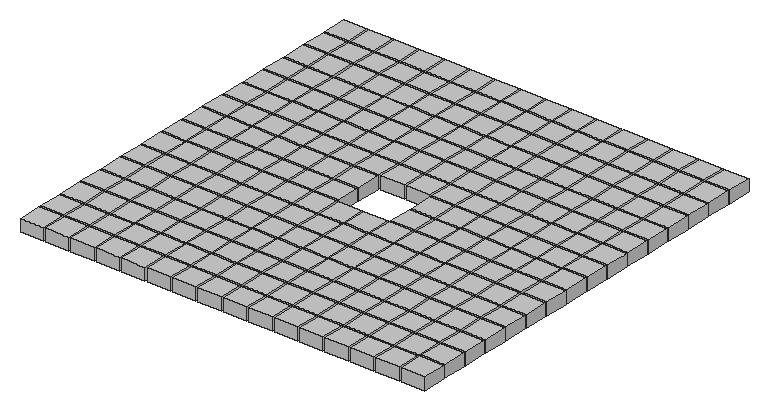
Revit family "Alcorque Ecológico", category Furniture, Revit 2020 (continued)
Forms (m)
  Extrusion 784, solid, material "ReBnew plástico", visible <- "A52", not visible
    sketch origin (4.565, -1.375, 0) x (1, 0, 0) y (0, 1, 0)
      loop
        line (-0.495, 0.495) -> (-0.495, 0.38) -> (-0.38, 0.38) -> (-0.38, 0.495) -> (-0.495, 0.495)
    from 0 to 0.06
  Extrusion 785, solid, material "ReBnew plástico", visible <- "A52", not visible
    sketch origin (4.69, -1.375, 0) x (1, 0, 0) y (0, 1, 0)
      loop
        line (-0.495, 0.495) -> (-0.495, 0.38) -> (-0.38, 0.38) -> (-0.38, 0.495) -> (-0.495, 0.495)
    from 0 to 0.06
  Extrusion 786, solid, material "ReBnew plástico", visible <- "A52", not visible
    sketch origin (4.815, -1.375, 0) x (1, 0, 0) y (0, 1, 0)
      loop
        line (-0.495, 0.495) -> (-0.495, 0.38) -> (-0.38, 0.38) -> (-0.38, 0.495) -> (-0.495, 0.495)
    from 0 to 0.06
  Extrusion 787, solid, material "ReBnew plástico", visible <- "A52", not visible
    sketch origin (3.815, -1, 0) x (1, 0, 0) y (0, 1, 0)
      loop
        line (-0.495, 0.495) -> (-0.495, 0.38) -> (-0.38, 0.38) -> (-0.38, 0.495) -> (-0.495, 0.495)
    from 0 to 0.06
  Extrusion 788, solid, material "ReBnew plástico", visible <- "A52", not visible
    sketch origin (3.94, -1, 0) x (1, 0, 0) y (0, 1, 0)
      loop
        line (-0.495, 0.495) -> (-0.495, 0.38) -> (-0.38, 0.38) -> (-0.38, 0.495) -> (-0.495, 0.495)
    from 0 to 0.06
  Extrusion 789, solid, material "ReBnew plástico", visible <- "A52", not visible
    sketch origin (4.94, 0, 0) x (1, 0, 0) y (0, 1, 0)
      loop
        line (-0.495, 0.495) -> (-0.495, 0.38) -> (-0.38, 0.38) -> (-0.38, 0.495) -> (-0.495, 0.495)
    from 0 to 0.06
  Extrusion 790, solid, material "ReBnew plástico", visible <- "A52", not visible
    sketch origin (5.065, 0, 0) x (1, 0, 0) y (0, 1, 0)
      loop
        line (-0.495, 0.495) -> (-0.495, 0.38) -> (-0.38, 0.38) -> (-0.38, 0.495) -> (-0.495, 0.495)
    from 0 to 0.06
  Extrusion 791, solid, material "ReBnew plástico", visible <- "A52", not visible
    sketch origin (5.19, 0, 0) x (1, 0, 0) y (0, 1, 0)
      loop
        line (-0.495, 0.495) -> (-0.495, 0.38) -> (-0.38, 0.38) -> (-0.38, 0.495) -> (-0.495, 0.495)
    from 0 to 0.06
  Extrusion 792, solid, material "ReBnew plástico", visible <- "A52", not visible
    sketch origin (5.315, 0, 0) x (1, 0, 0) y (0, 1, 0)
      loop
        line (-0.495, 0.495) -> (-0.495, 0.38) -> (-0.38, 0.38) -> (-0.38, 0.495) -> (-0.495, 0.495)
    from 0 to 0.06
  Extrusion 793, solid, material "ReBnew plástico", visible <- "A52", not visible
    sketch origin (4.94, -0.125, 0) x (1, 0, 0) y (0, 1, 0)
      loop
        line (-0.495, 0.495) -> (-0.495, 0.38) -> (-0.38, 0.38) -> (-0.38, 0.495) -> (-0.495, 0.495)
    from 0 to 0.06
  Extrusion 794, solid, material "ReBnew plástico", visible <- "A52", not visible
    sketch origin (5.065, -0.125, 0) x (1, 0, 0) y (0, 1, 0)
      loop
        line (-0.495, 0.495) -> (-0.495, 0.38) -> (-0.38, 0.38) -> (-0.38, 0.495) -> (-0.495, 0.495)
    from 0 to 0.06
  Extrusion 795, solid, material "ReBnew plástico", visible <- "A52", not visible
    sketch origin (5.19, -0.125, 0) x (1, 0, 0) y (0, 1, 0)
      loop
        line (-0.495, 0.495) -> (-0.495, 0.38) -> (-0.38, 0.38) -> (-0.38, 0.495) -> (-0.495, 0.495)
    from 0 to 0.06
  Extrusion 796, solid, material "ReBnew plástico", visible <- "A52", not visible
    sketch origin (5.315, -0.125, 0) x (1, 0, 0) y (0, 1, 0)
      loop
        line (-0.495, 0.495) -> (-0.495, 0.38) -> (-0.38, 0.38) -> (-0.38, 0.495) -> (-0.495, 0.495)
    from 0 to 0.06
  Extrusion 797, solid, material "ReBnew plástico", visible <- "A52", not visible
    sketch origin (4.94, -0.25, 0) x (1, 0, 0) y (0, 1, 0)
      loop
        line (-0.495, 0.495) -> (-0.495, 0.38) -> (-0.38, 0.38) -> (-0.38, 0.495) -> (-0.495, 0.495)
    from 0 to 0.06
  Extrusion 798, solid, material "ReBnew plástico", visible <- "A52", not visible
    sketch origin (5.065, -0.25, 0) x (1, 0, 0) y (0, 1, 0)
      loop
        line (-0.495, 0.495) -> (-0.495, 0.38) -> (-0.38, 0.38) -> (-0.38, 0.495) -> (-0.495, 0.495)
    from 0 to 0.06
  Extrusion 799, solid, material "ReBnew plástico", visible <- "A52", not visible
    sketch origin (5.19, -0.25, 0) x (1, 0, 0) y (0, 1, 0)
      loop
        line (-0.495, 0.495) -> (-0.495, 0.38) -> (-0.38, 0.38) -> (-0.38, 0.495) -> (-0.495, 0.495)
    from 0 to 0.06
  Extrusion 800, solid, material "ReBnew plástico", visible <- "A52", not visible
    sketch origin (5.315, -0.25, 0) x (1, 0, 0) y (0, 1, 0)
      loop
        line (-0.495, 0.495) -> (-0.495, 0.38) -> (-0.38, 0.38) -> (-0.38, 0.495) -> (-0.495, 0.495)
    from 0 to 0.06
  Extrusion 801, solid, material "ReBnew plástico", visible <- "A52", not visible
    sketch origin (5.065, -0.375, 0) x (1, 0, 0) y (0, 1, 0)
      loop
        line (-0.495, 0.495) -> (-0.495, 0.38) -> (-0.38, 0.38) -> (-0.38, 0.495) -> (-0.495, 0.495)
    from 0 to 0.06
  Extrusion 802, solid, material "ReBnew plástico", visible <- "A52", not visible
    sketch origin (5.19, -0.375, 0) x (1, 0, 0) y (0, 1, 0)
      loop
        line (-0.495, 0.495) -> (-0.495, 0.38) -> (-0.38, 0.38) -> (-0.38, 0.495) -> (-0.495, 0.495)
    from 0 to 0.06
  Extrusion 803, solid, material "ReBnew plástico", visible <- "A52", not visible
    sketch origin (5.315, -0.375, 0) x (1, 0, 0) y (0, 1, 0)
      loop
        line (-0.495, 0.495) -> (-0.495, 0.38) -> (-0.38, 0.38) -> (-0.38, 0.495) -> (-0.495, 0.495)
    from 0 to 0.06
  Extrusion 804, solid, material "ReBnew plástico", visible <- "A52", not visible
    sketch origin (5.065, -0.5, 0) x (1, 0, 0) y (0, 1, 0)
      loop
        line (-0.495, 0.495) -> (-0.495, 0.38) -> (-0.38, 0.38) -> (-0.38, 0.495) -> (-0.495, 0.495)
    from 0 to 0.06
  Extrusion 805, solid, material "ReBnew plástico", visible <- "A52", not visible
    sketch origin (5.19, -0.5, 0) x (1, 0, 0) y (0, 1, 0)
      loop
        line (-0.495, 0.495) -> (-0.495, 0.38) -> (-0.38, 0.38) -> (-0.38, 0.495) -> (-0.495, 0.495)
    from 0 to 0.06
  Extrusion 806, solid, material "ReBnew plástico", visible <- "A52", not visible
    sketch origin (5.315, -0.5, 0) x (1, 0, 0) y (0, 1, 0)
      loop
        line (-0.495, 0.495) -> (-0.495, 0.38) -> (-0.38, 0.38) -> (-0.38, 0.495) -> (-0.495, 0.495)
    from 0 to 0.06
  Extrusion 807, solid, material "ReBnew plástico", visible <- "A52", not visible
    sketch origin (4.94, -0.625, 0) x (1, 0, 0) y (0, 1, 0)
      loop
        line (-0.495, 0.495) -> (-0.495, 0.38) -> (-0.38, 0.38) -> (-0.38, 0.495) -> (-0.495, 0.495)
    from 0 to 0.06
  Extrusion 808, solid, material "ReBnew plástico", visible <- "A52", not visible
    sketch origin (5.065, -0.625, 0) x (1, 0, 0) y (0, 1, 0)
      loop
        line (-0.495, 0.495) -> (-0.495, 0.38) -> (-0.38, 0.38) -> (-0.38, 0.495) -> (-0.495, 0.495)
    from 0 to 0.06
  Extrusion 809, solid, material "ReBnew plástico", visible <- "A52", not visible
    sketch origin (5.19, -0.625, 0) x (1, 0, 0) y (0, 1, 0)
      loop
        line (-0.495, 0.495) -> (-0.495, 0.38) -> (-0.38, 0.38) -> (-0.38, 0.495) -> (-0.495, 0.495)
    from 0 to 0.06
  Extrusion 810, solid, material "ReBnew plástico", visible <- "A52", not visible
    sketch origin (5.315, -0.625, 0) x (1, 0, 0) y (0, 1, 0)
      loop
        line (-0.495, 0.495) -> (-0.495, 0.38) -> (-0.38, 0.38) -> (-0.38, 0.495) -> (-0.495, 0.495)
    from 0 to 0.06
  Extrusion 811, solid, material "ReBnew plástico", visible <- "A52", not visible
    sketch origin (4.94, -0.75, 0) x (1, 0, 0) y (0, 1, 0)
      loop
        line (-0.495, 0.495) -> (-0.495, 0.38) -> (-0.38, 0.38) -> (-0.38, 0.495) -> (-0.495, 0.495)
    from 0 to 0.06
  Extrusion 812, solid, material "ReBnew plástico", visible <- "A52", not visible
    sketch origin (5.065, -0.75, 0) x (1, 0, 0) y (0, 1, 0)
      loop
        line (-0.495, 0.495) -> (-0.495, 0.38) -> (-0.38, 0.38) -> (-0.38, 0.495) -> (-0.495, 0.495)
    from 0 to 0.06
  Extrusion 813, solid, material "ReBnew plástico", visible <- "A52", not visible
    sketch origin (5.19, -0.75, 0) x (1, 0, 0) y (0, 1, 0)
      loop
        line (-0.495, 0.495) -> (-0.495, 0.38) -> (-0.38, 0.38) -> (-0.38, 0.495) -> (-0.495, 0.495)
    from 0 to 0.06
  Extrusion 814, solid, material "ReBnew plástico", visible <- "A52", not visible
    sketch origin (5.315, -0.75, 0) x (1, 0, 0) y (0, 1, 0)
      loop
        line (-0.495, 0.495) -> (-0.495, 0.38) -> (-0.38, 0.38) -> (-0.38, 0.495) -> (-0.495, 0.495)
    from 0 to 0.06
  Extrusion 815, solid, material "ReBnew plástico", visible <- "A52", not visible
    sketch origin (4.94, -0.875, 0) x (1, 0, 0) y (0, 1, 0)
      loop
        line (-0.495, 0.495) -> (-0.495, 0.38) -> (-0.38, 0.38) -> (-0.38, 0.495) -> (-0.495, 0.495)
    from 0 to 0.06
  Extrusion 816, solid, material "ReBnew plástico", visible <- "A52", not visible
    sketch origin (5.065, -0.875, 0) x (1, 0, 0) y (0, 1, 0)
      loop
        line (-0.495, 0.495) -> (-0.495, 0.38) -> (-0.38, 0.38) -> (-0.38, 0.495) -> (-0.495, 0.495)
    from 0 to 0.06
  Extrusion 817, solid, material "ReBnew plástico", visible <- "A52", not visible
    sketch origin (5.19, -0.875, 0) x (1, 0, 0) y (0, 1, 0)
      loop
        line (-0.495, 0.495) -> (-0.495, 0.38) -> (-0.38, 0.38) -> (-0.38, 0.495) -> (-0.495, 0.495)
    from 0 to 0.06
  Extrusion 818, solid, material "ReBnew plástico", visible <- "A52", not visible
    sketch origin (5.315, -0.875, 0) x (1, 0, 0) y (0, 1, 0)
      loop
        line (-0.495, 0.495) -> (-0.495, 0.38) -> (-0.38, 0.38) -> (-0.38, 0.495) -> (-0.495, 0.495)
    from 0 to 0.06
  Extrusion 819, solid, material "ReBnew plástico", visible <- "A52", not visible
    sketch origin (4.94, -0.375, 0) x (1, 0, 0) y (0, 1, 0)
      loop
        line (-0.495, 0.495) -> (-0.495, 0.38) -> (-0.38, 0.38) -> (-0.38, 0.495) -> (-0.495, 0.495)
    from 0 to 0.06
  Extrusion 820, solid, material "ReBnew plástico", visible <- "A52", not visible
    sketch origin (4.94, -0.5, 0) x (1, 0, 0) y (0, 1, 0)
      loop
        line (-0.495, 0.495) -> (-0.495, 0.38) -> (-0.38, 0.38) -> (-0.38, 0.495) -> (-0.495, 0.495)
    from 0 to 0.06
  Extrusion 821, solid, material "ReBnew plástico", visible <- "A52", not visible
    sketch origin (5.065, -1, 0) x (1, 0, 0) y (0, 1, 0)
      loop
        line (-0.495, 0.495) -> (-0.495, 0.38) -> (-0.38, 0.38) -> (-0.38, 0.495) -> (-0.495, 0.495)
    from 0 to 0.06
  Extrusion 822, solid, material "ReBnew plástico", visible <- "A52", not visible
    sketch origin (5.19, -1, 0) x (1, 0, 0) y (0, 1, 0)
      loop
        line (-0.495, 0.495) -> (-0.495, 0.38) -> (-0.38, 0.38) -> (-0.38, 0.495) -> (-0.495, 0.495)
    from 0 to 0.06
  Extrusion 823, solid, material "ReBnew plástico", visible <- "A52", not visible
    sketch origin (5.315, -1, 0) x (1, 0, 0) y (0, 1, 0)
      loop
        line (-0.495, 0.495) -> (-0.495, 0.38) -> (-0.38, 0.38) -> (-0.38, 0.495) -> (-0.495, 0.495)
    from 0 to 0.06
  Extrusion 824, solid, material "ReBnew plástico", visible <- "A52", not visible
    sketch origin (4.94, -1.125, 0) x (1, 0, 0) y (0, 1, 0)
      loop
        line (-0.495, 0.495) -> (-0.495, 0.38) -> (-0.38, 0.38) -> (-0.38, 0.495) -> (-0.495, 0.495)
    from 0 to 0.06
  Extrusion 825, solid, material "ReBnew plástico", visible <- "A52", not visible
    sketch origin (5.065, -1.125, 0) x (1, 0, 0) y (0, 1, 0)
      loop
        line (-0.495, 0.495) -> (-0.495, 0.38) -> (-0.38, 0.38) -> (-0.38, 0.495) -> (-0.495, 0.495)
    from 0 to 0.06
  Extrusion 826, solid, material "ReBnew plástico", visible <- "A52", not visible
    sketch origin (5.19, -1.125, 0) x (1, 0, 0) y (0, 1, 0)
      loop
        line (-0.495, 0.495) -> (-0.495, 0.38) -> (-0.38, 0.38) -> (-0.38, 0.495) -> (-0.495, 0.495)
    from 0 to 0.06
  Extrusion 827, solid, material "ReBnew plástico", visible <- "A52", not visible
    sketch origin (5.315, -1.125, 0) x (1, 0, 0) y (0, 1, 0)
      loop
        line (-0.495, 0.495) -> (-0.495, 0.38) -> (-0.38, 0.38) -> (-0.38, 0.495) -> (-0.495, 0.495)
    from 0 to 0.06
  Extrusion 828, solid, material "ReBnew plástico", visible <- "A52", not visible
    sketch origin (4.94, -1.25, 0) x (1, 0, 0) y (0, 1, 0)
      loop
        line (-0.495, 0.495) -> (-0.495, 0.38) -> (-0.38, 0.38) -> (-0.38, 0.495) -> (-0.495, 0.495)
    from 0 to 0.06
  Extrusion 829, solid, material "ReBnew plástico", visible <- "A52", not visible
    sketch origin (5.065, -1.25, 0) x (1, 0, 0) y (0, 1, 0)
      loop
        line (-0.495, 0.495) -> (-0.495, 0.38) -> (-0.38, 0.38) -> (-0.38, 0.495) -> (-0.495, 0.495)
    from 0 to 0.06
  Extrusion 830, solid, material "ReBnew plástico", visible <- "A52", not visible
    sketch origin (5.19, -1.25, 0) x (1, 0, 0) y (0, 1, 0)
      loop
        line (-0.495, 0.495) -> (-0.495, 0.38) -> (-0.38, 0.38) -> (-0.38, 0.495) -> (-0.495, 0.495)
    from 0 to 0.06
  Extrusion 831, solid, material "ReBnew plástico", visible <- "A52", not visible
    sketch origin (5.315, -1.25, 0) x (1, 0, 0) y (0, 1, 0)
      loop
        line (-0.495, 0.495) -> (-0.495, 0.38) -> (-0.38, 0.38) -> (-0.38, 0.495) -> (-0.495, 0.495)
    from 0 to 0.06
  Extrusion 832, solid, material "ReBnew plástico", visible <- "A52", not visible
    sketch origin (4.94, -1.375, 0) x (1, 0, 0) y (0, 1, 0)
      loop
        line (-0.495, 0.495) -> (-0.495, 0.38) -> (-0.38, 0.38) -> (-0.38, 0.495) -> (-0.495, 0.495)
    from 0 to 0.06
  Extrusion 833, solid, material "ReBnew plástico", visible <- "A52", not visible
    sketch origin (5.065, -1.375, 0) x (1, 0, 0) y (0, 1, 0)
      loop
        line (-0.495, 0.495) -> (-0.495, 0.38) -> (-0.38, 0.38) -> (-0.38, 0.495) -> (-0.495, 0.495)
    from 0 to 0.06
  Extrusion 834, solid, material "ReBnew plástico", visible <- "A52", not visible
    sketch origin (5.19, -1.375, 0) x (1, 0, 0) y (0, 1, 0)
      loop
        line (-0.495, 0.495) -> (-0.495, 0.38) -> (-0.38, 0.38) -> (-0.38, 0.495) -> (-0.495, 0.495)
    from 0 to 0.06
  Extrusion 835, solid, material "ReBnew plástico", visible <- "A52", not visible
    sketch origin (5.315, -1.375, 0) x (1, 0, 0) y (0, 1, 0)
      loop
        line (-0.495, 0.495) -> (-0.495, 0.38) -> (-0.38, 0.38) -> (-0.38, 0.495) -> (-0.495, 0.495)
    from 0 to 0.06
  Extrusion 836, solid, material "ReBnew plástico", visible <- "A52", not visible
    sketch origin (4.94, -1, 0) x (1, 0, 0) y (0, 1, 0)
      loop
        line (-0.495, 0.495) -> (-0.495, 0.38) -> (-0.38, 0.38) -> (-0.38, 0.495) -> (-0.495, 0.495)
    from 0 to 0.06
  Extrusion 837, solid, material "ReBnew plástico", visible <- "A52", not visible
    sketch origin (3.44, -1.5, 0) x (1, 0, 0) y (0, 1, 0)
      loop
        line (-0.495, 0.495) -> (-0.495, 0.38) -> (-0.38, 0.38) -> (-0.38, 0.495) -> (-0.495, 0.495)
    from 0 to 0.06
  Extrusion 838, solid, material "ReBnew plástico", visible <- "A52", not visible
    sketch origin (3.565, -1.5, 0) x (1, 0, 0) y (0, 1, 0)
      loop
        line (-0.495, 0.495) -> (-0.495, 0.38) -> (-0.38, 0.38) -> (-0.38, 0.495) -> (-0.495, 0.495)
    from 0 to 0.06
  Extrusion 839, solid, material "ReBnew plástico", visible <- "A52", not visible
    sketch origin (3.69, -1.5, 0) x (1, 0, 0) y (0, 1, 0)
      loop
        line (-0.495, 0.495) -> (-0.495, 0.38) -> (-0.38, 0.38) -> (-0.38, 0.495) -> (-0.495, 0.495)
    from 0 to 0.06
  Extrusion 840, solid, material "ReBnew plástico", visible <- "A52", not visible
    sketch origin (4.065, -1.5, 0) x (1, 0, 0) y (0, 1, 0)
      loop
        line (-0.495, 0.495) -> (-0.495, 0.38) -> (-0.38, 0.38) -> (-0.38, 0.495) -> (-0.495, 0.495)
    from 0 to 0.06
  Extrusion 841, solid, material "ReBnew plástico", visible <- "A52", not visible
    sketch origin (4.19, -1.5, 0) x (1, 0, 0) y (0, 1, 0)
      loop
        line (-0.495, 0.495) -> (-0.495, 0.38) -> (-0.38, 0.38) -> (-0.38, 0.495) -> (-0.495, 0.495)
    from 0 to 0.06
  Extrusion 842, solid, material "ReBnew plástico", visible <- "A52", not visible
    sketch origin (4.315, -1.5, 0) x (1, 0, 0) y (0, 1, 0)
      loop
        line (-0.495, 0.495) -> (-0.495, 0.38) -> (-0.38, 0.38) -> (-0.38, 0.495) -> (-0.495, 0.495)
    from 0 to 0.06
  Extrusion 843, solid, material "ReBnew plástico", visible <- "A52", not visible
    sketch origin (3.44, -1.625, 0) x (1, 0, 0) y (0, 1, 0)
      loop
        line (-0.495, 0.495) -> (-0.495, 0.38) -> (-0.38, 0.38) -> (-0.38, 0.495) -> (-0.495, 0.495)
    from 0 to 0.06
  Extrusion 844, solid, material "ReBnew plástico", visible <- "A52", not visible
    sketch origin (3.565, -1.625, 0) x (1, 0, 0) y (0, 1, 0)
      loop
        line (-0.495, 0.495) -> (-0.495, 0.38) -> (-0.38, 0.38) -> (-0.38, 0.495) -> (-0.495, 0.495)
    from 0 to 0.06
  Extrusion 845, solid, material "ReBnew plástico", visible <- "A52", not visible
    sketch origin (3.69, -1.625, 0) x (1, 0, 0) y (0, 1, 0)
      loop
        line (-0.495, 0.495) -> (-0.495, 0.38) -> (-0.38, 0.38) -> (-0.38, 0.495) -> (-0.495, 0.495)
    from 0 to 0.06
  Extrusion 846, solid, material "ReBnew plástico", visible <- "A52", not visible
    sketch origin (3.815, -1.625, 0) x (1, 0, 0) y (0, 1, 0)
      loop
        line (-0.495, 0.495) -> (-0.495, 0.38) -> (-0.38, 0.38) -> (-0.38, 0.495) -> (-0.495, 0.495)
    from 0 to 0.06
  Extrusion 847, solid, material "ReBnew plástico", visible <- "A52", not visible
    sketch origin (3.94, -1.625, 0) x (1, 0, 0) y (0, 1, 0)
      loop
        line (-0.495, 0.495) -> (-0.495, 0.38) -> (-0.38, 0.38) -> (-0.38, 0.495) -> (-0.495, 0.495)
    from 0 to 0.06
  Extrusion 848, solid, material "ReBnew plástico", visible <- "A52", not visible
    sketch origin (4.065, -1.625, 0) x (1, 0, 0) y (0, 1, 0)
      loop
        line (-0.495, 0.495) -> (-0.495, 0.38) -> (-0.38, 0.38) -> (-0.38, 0.495) -> (-0.495, 0.495)
    from 0 to 0.06
  Extrusion 849, solid, material "ReBnew plástico", visible <- "A52", not visible
    sketch origin (4.19, -1.625, 0) x (1, 0, 0) y (0, 1, 0)
      loop
        line (-0.495, 0.495) -> (-0.495, 0.38) -> (-0.38, 0.38) -> (-0.38, 0.495) -> (-0.495, 0.495)
    from 0 to 0.06
  Extrusion 850, solid, material "ReBnew plástico", visible <- "A52", not visible
    sketch origin (4.315, -1.625, 0) x (1, 0, 0) y (0, 1, 0)
      loop
        line (-0.495, 0.495) -> (-0.495, 0.38) -> (-0.38, 0.38) -> (-0.38, 0.495) -> (-0.495, 0.495)
    from 0 to 0.06
  Extrusion 851, solid, material "ReBnew plástico", visible <- "A52", not visible
    sketch origin (3.44, -1.75, 0) x (1, 0, 0) y (0, 1, 0)
      loop
        line (-0.495, 0.495) -> (-0.495, 0.38) -> (-0.38, 0.38) -> (-0.38, 0.495) -> (-0.495, 0.495)
    from 0 to 0.06
  Extrusion 852, solid, material "ReBnew plástico", visible <- "A52", not visible
    sketch origin (3.565, -1.75, 0) x (1, 0, 0) y (0, 1, 0)
      loop
        line (-0.495, 0.495) -> (-0.495, 0.38) -> (-0.38, 0.38) -> (-0.38, 0.495) -> (-0.495, 0.495)
    from 0 to 0.06
  Extrusion 853, solid, material "ReBnew plástico", visible <- "A52", not visible
    sketch origin (3.69, -1.75, 0) x (1, 0, 0) y (0, 1, 0)
      loop
        line (-0.495, 0.495) -> (-0.495, 0.38) -> (-0.38, 0.38) -> (-0.38, 0.495) -> (-0.495, 0.495)
    from 0 to 0.06
  Extrusion 854, solid, material "ReBnew plástico", visible <- "A52", not visible
    sketch origin (3.815, -1.75, 0) x (1, 0, 0) y (0, 1, 0)
      loop
        line (-0.495, 0.495) -> (-0.495, 0.38) -> (-0.38, 0.38) -> (-0.38, 0.495) -> (-0.495, 0.495)
    from 0 to 0.06
  Extrusion 855, solid, material "ReBnew plástico", visible <- "A52", not visible
    sketch origin (3.94, -1.75, 0) x (1, 0, 0) y (0, 1, 0)
      loop
        line (-0.495, 0.495) -> (-0.495, 0.38) -> (-0.38, 0.38) -> (-0.38, 0.495) -> (-0.495, 0.495)
    from 0 to 0.06
  Extrusion 856, solid, material "ReBnew plástico", visible <- "A52", not visible
    sketch origin (4.065, -1.75, 0) x (1, 0, 0) y (0, 1, 0)
      loop
        line (-0.495, 0.495) -> (-0.495, 0.38) -> (-0.38, 0.38) -> (-0.38, 0.495) -> (-0.495, 0.495)
    from 0 to 0.06
  Extrusion 857, solid, material "ReBnew plástico", visible <- "A52", not visible
    sketch origin (4.19, -1.75, 0) x (1, 0, 0) y (0, 1, 0)
      loop
        line (-0.495, 0.495) -> (-0.495, 0.38) -> (-0.38, 0.38) -> (-0.38, 0.495) -> (-0.495, 0.495)
    from 0 to 0.06
  Extrusion 858, solid, material "ReBnew plástico", visible <- "A52", not visible
    sketch origin (4.315, -1.75, 0) x (1, 0, 0) y (0, 1, 0)
      loop
        line (-0.495, 0.495) -> (-0.495, 0.38) -> (-0.38, 0.38) -> (-0.38, 0.495) -> (-0.495, 0.495)
    from 0 to 0.06
  Extrusion 859, solid, material "ReBnew plástico", visible <- "A52", not visible
    sketch origin (3.44, -1.875, 0) x (1, 0, 0) y (0, 1, 0)
      loop
        line (-0.495, 0.495) -> (-0.495, 0.38) -> (-0.38, 0.38) -> (-0.38, 0.495) -> (-0.495, 0.495)
    from 0 to 0.06
  Extrusion 860, solid, material "ReBnew plástico", visible <- "A52", not visible
    sketch origin (3.565, -1.875, 0) x (1, 0, 0) y (0, 1, 0)
      loop
        line (-0.495, 0.495) -> (-0.495, 0.38) -> (-0.38, 0.38) -> (-0.38, 0.495) -> (-0.495, 0.495)
    from 0 to 0.06
  Extrusion 861, solid, material "ReBnew plástico", visible <- "A52", not visible
    sketch origin (3.69, -1.875, 0) x (1, 0, 0) y (0, 1, 0)
      loop
        line (-0.495, 0.495) -> (-0.495, 0.38) -> (-0.38, 0.38) -> (-0.38, 0.495) -> (-0.495, 0.495)
    from 0 to 0.06
  Extrusion 862, solid, material "ReBnew plástico", visible <- "A52", not visible
    sketch origin (3.815, -1.875, 0) x (1, 0, 0) y (0, 1, 0)
      loop
        line (-0.495, 0.495) -> (-0.495, 0.38) -> (-0.38, 0.38) -> (-0.38, 0.495) -> (-0.495, 0.495)
    from 0 to 0.06
  Extrusion 863, solid, material "ReBnew plástico", visible <- "A52", not visible
    sketch origin (3.94, -1.875, 0) x (1, 0, 0) y (0, 1, 0)
      loop
        line (-0.495, 0.495) -> (-0.495, 0.38) -> (-0.38, 0.38) -> (-0.38, 0.495) -> (-0.495, 0.495)
    from 0 to 0.06
  Extrusion 864, solid, material "ReBnew plástico", visible <- "A52", not visible
    sketch origin (4.065, -1.875, 0) x (1, 0, 0) y (0, 1, 0)
      loop
        line (-0.495, 0.495) -> (-0.495, 0.38) -> (-0.38, 0.38) -> (-0.38, 0.495) -> (-0.495, 0.495)
    from 0 to 0.06
  Extrusion 865, solid, material "ReBnew plástico", visible <- "A52", not visible
    sketch origin (4.19, -1.875, 0) x (1, 0, 0) y (0, 1, 0)
      loop
        line (-0.495, 0.495) -> (-0.495, 0.38) -> (-0.38, 0.38) -> (-0.38, 0.495) -> (-0.495, 0.495)
    from 0 to 0.06
  Extrusion 866, solid, material "ReBnew plástico", visible <- "A52", not visible
    sketch origin (4.315, -1.875, 0) x (1, 0, 0) y (0, 1, 0)
      loop
        line (-0.495, 0.495) -> (-0.495, 0.38) -> (-0.38, 0.38) -> (-0.38, 0.495) -> (-0.495, 0.495)
    from 0 to 0.06
  Extrusion 867, solid, material "ReBnew plástico", visible <- "A52", not visible
    sketch origin (4.565, -1.5, 0) x (1, 0, 0) y (0, 1, 0)
      loop
        line (-0.495, 0.495) -> (-0.495, 0.38) -> (-0.38, 0.38) -> (-0.38, 0.495) -> (-0.495, 0.495)
    from 0 to 0.06
  Extrusion 868, solid, material "ReBnew plástico", visible <- "A52", not visible
    sketch origin (4.69, -1.5, 0) x (1, 0, 0) y (0, 1, 0)
      loop
        line (-0.495, 0.495) -> (-0.495, 0.38) -> (-0.38, 0.38) -> (-0.38, 0.495) -> (-0.495, 0.495)
    from 0 to 0.06
  Extrusion 869, solid, material "ReBnew plástico", visible <- "A52", not visible
    sketch origin (4.815, -1.5, 0) x (1, 0, 0) y (0, 1, 0)
      loop
        line (-0.495, 0.495) -> (-0.495, 0.38) -> (-0.38, 0.38) -> (-0.38, 0.495) -> (-0.495, 0.495)
    from 0 to 0.06
  Extrusion 870, solid, material "ReBnew plástico", visible <- "A52", not visible
    sketch origin (4.44, -1.625, 0) x (1, 0, 0) y (0, 1, 0)
      loop
        line (-0.495, 0.495) -> (-0.495, 0.38) -> (-0.38, 0.38) -> (-0.38, 0.495) -> (-0.495, 0.495)
    from 0 to 0.06
  Extrusion 871, solid, material "ReBnew plástico", visible <- "A52", not visible
    sketch origin (4.565, -1.625, 0) x (1, 0, 0) y (0, 1, 0)
      loop
        line (-0.495, 0.495) -> (-0.495, 0.38) -> (-0.38, 0.38) -> (-0.38, 0.495) -> (-0.495, 0.495)
    from 0 to 0.06
  Extrusion 872, solid, material "ReBnew plástico", visible <- "A52", not visible
    sketch origin (4.69, -1.625, 0) x (1, 0, 0) y (0, 1, 0)
      loop
        line (-0.495, 0.495) -> (-0.495, 0.38) -> (-0.38, 0.38) -> (-0.38, 0.495) -> (-0.495, 0.495)
    from 0 to 0.06
  Extrusion 873, solid, material "ReBnew plástico", visible <- "A52", not visible
    sketch origin (4.815, -1.625, 0) x (1, 0, 0) y (0, 1, 0)
      loop
        line (-0.495, 0.495) -> (-0.495, 0.38) -> (-0.38, 0.38) -> (-0.38, 0.495) -> (-0.495, 0.495)
    from 0 to 0.06
  Extrusion 874, solid, material "ReBnew plástico", visible <- "A52", not visible
    sketch origin (4.44, -1.75, 0) x (1, 0, 0) y (0, 1, 0)
      loop
        line (-0.495, 0.495) -> (-0.495, 0.38) -> (-0.38, 0.38) -> (-0.38, 0.495) -> (-0.495, 0.495)
    from 0 to 0.06
  Extrusion 875, solid, material "ReBnew plástico", visible <- "A52", not visible
    sketch origin (4.565, -1.75, 0) x (1, 0, 0) y (0, 1, 0)
      loop
        line (-0.495, 0.495) -> (-0.495, 0.38) -> (-0.38, 0.38) -> (-0.38, 0.495) -> (-0.495, 0.495)
    from 0 to 0.06
  Extrusion 876, solid, material "ReBnew plástico", visible <- "A52", not visible
    sketch origin (4.69, -1.75, 0) x (1, 0, 0) y (0, 1, 0)
      loop
        line (-0.495, 0.495) -> (-0.495, 0.38) -> (-0.38, 0.38) -> (-0.38, 0.495) -> (-0.495, 0.495)
    from 0 to 0.06
  Extrusion 877, solid, material "ReBnew plástico", visible <- "A52", not visible
    sketch origin (4.815, -1.75, 0) x (1, 0, 0) y (0, 1, 0)
      loop
        line (-0.495, 0.495) -> (-0.495, 0.38) -> (-0.38, 0.38) -> (-0.38, 0.495) -> (-0.495, 0.495)
    from 0 to 0.06
  Extrusion 878, solid, material "ReBnew plástico", visible <- "A52", not visible
    sketch origin (4.44, -1.875, 0) x (1, 0, 0) y (0, 1, 0)
      loop
        line (-0.495, 0.495) -> (-0.495, 0.38) -> (-0.38, 0.38) -> (-0.38, 0.495) -> (-0.495, 0.495)
    from 0 to 0.06
  Extrusion 879, solid, material "ReBnew plástico", visible <- "A52", not visible
    sketch origin (4.565, -1.875, 0) x (1, 0, 0) y (0, 1, 0)
      loop
        line (-0.495, 0.495) -> (-0.495, 0.38) -> (-0.38, 0.38) -> (-0.38, 0.495) -> (-0.495, 0.495)
    from 0 to 0.06
  Extrusion 880, solid, material "ReBnew plástico", visible <- "A52", not visible
    sketch origin (4.69, -1.875, 0) x (1, 0, 0) y (0, 1, 0)
      loop
        line (-0.495, 0.495) -> (-0.495, 0.38) -> (-0.38, 0.38) -> (-0.38, 0.495) -> (-0.495, 0.495)
    from 0 to 0.06
  Extrusion 881, solid, material "ReBnew plástico", visible <- "A52", not visible
    sketch origin (4.815, -1.875, 0) x (1, 0, 0) y (0, 1, 0)
      loop
        line (-0.495, 0.495) -> (-0.495, 0.38) -> (-0.38, 0.38) -> (-0.38, 0.495) -> (-0.495, 0.495)
    from 0 to 0.06
  Extrusion 882, solid, material "ReBnew plástico", visible <- "A52", not visible
    sketch origin (3.815, -1.5, 0) x (1, 0, 0) y (0, 1, 0)
      loop
        line (-0.495, 0.495) -> (-0.495, 0.38) -> (-0.38, 0.38) -> (-0.38, 0.495) -> (-0.495, 0.495)
    from 0 to 0.06
  Extrusion 883, solid, material "ReBnew plástico", visible <- "A52", not visible
    sketch origin (3.94, -1.5, 0) x (1, 0, 0) y (0, 1, 0)
      loop
        line (-0.495, 0.495) -> (-0.495, 0.38) -> (-0.38, 0.38) -> (-0.38, 0.495) -> (-0.495, 0.495)
    from 0 to 0.06
  Extrusion 884, solid, material "ReBnew plástico", visible <- "A52", not visible
    sketch origin (4.44, -1.5, 0) x (1, 0, 0) y (0, 1, 0)
      loop
        line (-0.495, 0.495) -> (-0.495, 0.38) -> (-0.38, 0.38) -> (-0.38, 0.495) -> (-0.495, 0.495)
    from 0 to 0.06
  Extrusion 885, solid, material "ReBnew plástico", visible <- "A52", not visible
    sketch origin (5.065, -1.5, 0) x (1, 0, 0) y (0, 1, 0)
      loop
        line (-0.495, 0.495) -> (-0.495, 0.38) -> (-0.38, 0.38) -> (-0.38, 0.495) -> (-0.495, 0.495)
    from 0 to 0.06
  Extrusion 886, solid, material "ReBnew plástico", visible <- "A52", not visible
    sketch origin (5.19, -1.5, 0) x (1, 0, 0) y (0, 1, 0)
      loop
        line (-0.495, 0.495) -> (-0.495, 0.38) -> (-0.38, 0.38) -> (-0.38, 0.495) -> (-0.495, 0.495)
    from 0 to 0.06
  Extrusion 887, solid, material "ReBnew plástico", visible <- "A52", not visible
    sketch origin (5.315, -1.5, 0) x (1, 0, 0) y (0, 1, 0)
      loop
        line (-0.495, 0.495) -> (-0.495, 0.38) -> (-0.38, 0.38) -> (-0.38, 0.495) -> (-0.495, 0.495)
    from 0 to 0.06
  Extrusion 888, solid, material "ReBnew plástico", visible <- "A52", not visible
    sketch origin (4.94, -1.625, 0) x (1, 0, 0) y (0, 1, 0)
      loop
        line (-0.495, 0.495) -> (-0.495, 0.38) -> (-0.38, 0.38) -> (-0.38, 0.495) -> (-0.495, 0.495)
    from 0 to 0.06
  Extrusion 889, solid, material "ReBnew plástico", visible <- "A52", not visible
    sketch origin (5.065, -1.625, 0) x (1, 0, 0) y (0, 1, 0)
      loop
        line (-0.495, 0.495) -> (-0.495, 0.38) -> (-0.38, 0.38) -> (-0.38, 0.495) -> (-0.495, 0.495)
    from 0 to 0.06
  Extrusion 890, solid, material "ReBnew plástico", visible <- "A52", not visible
    sketch origin (5.19, -1.625, 0) x (1, 0, 0) y (0, 1, 0)
      loop
        line (-0.495, 0.495) -> (-0.495, 0.38) -> (-0.38, 0.38) -> (-0.38, 0.495) -> (-0.495, 0.495)
    from 0 to 0.06
  Extrusion 891, solid, material "ReBnew plástico", visible <- "A52", not visible
    sketch origin (5.315, -1.625, 0) x (1, 0, 0) y (0, 1, 0)
      loop
        line (-0.495, 0.495) -> (-0.495, 0.38) -> (-0.38, 0.38) -> (-0.38, 0.495) -> (-0.495, 0.495)
    from 0 to 0.06
  Extrusion 892, solid, material "ReBnew plástico", visible <- "A52", not visible
    sketch origin (4.94, -1.75, 0) x (1, 0, 0) y (0, 1, 0)
      loop
        line (-0.495, 0.495) -> (-0.495, 0.38) -> (-0.38, 0.38) -> (-0.38, 0.495) -> (-0.495, 0.495)
    from 0 to 0.06
  Extrusion 893, solid, material "ReBnew plástico", visible <- "A52", not visible
    sketch origin (5.065, -1.75, 0) x (1, 0, 0) y (0, 1, 0)
      loop
        line (-0.495, 0.495) -> (-0.495, 0.38) -> (-0.38, 0.38) -> (-0.38, 0.495) -> (-0.495, 0.495)
    from 0 to 0.06
  Extrusion 894, solid, material "ReBnew plástico", visible <- "A52", not visible
    sketch origin (5.19, -1.75, 0) x (1, 0, 0) y (0, 1, 0)
      loop
        line (-0.495, 0.495) -> (-0.495, 0.38) -> (-0.38, 0.38) -> (-0.38, 0.495) -> (-0.495, 0.495)
    from 0 to 0.06
  Extrusion 895, solid, material "ReBnew plástico", visible <- "A52", not visible
    sketch origin (5.315, -1.75, 0) x (1, 0, 0) y (0, 1, 0)
      loop
        line (-0.495, 0.495) -> (-0.495, 0.38) -> (-0.38, 0.38) -> (-0.38, 0.495) -> (-0.495, 0.495)
    from 0 to 0.06
  Extrusion 896, solid, material "ReBnew plástico", visible <- "A52", not visible
    sketch origin (4.94, -1.875, 0) x (1, 0, 0) y (0, 1, 0)
      loop
        line (-0.495, 0.495) -> (-0.495, 0.38) -> (-0.38, 0.38) -> (-0.38, 0.495) -> (-0.495, 0.495)
    from 0 to 0.06
  Extrusion 897, solid, material "ReBnew plástico", visible <- "A52", not visible
    sketch origin (5.065, -1.875, 0) x (1, 0, 0) y (0, 1, 0)
      loop
        line (-0.495, 0.495) -> (-0.495, 0.38) -> (-0.38, 0.38) -> (-0.38, 0.495) -> (-0.495, 0.495)
    from 0 to 0.06
  Extrusion 898, solid, material "ReBnew plástico", visible <- "A52", not visible
    sketch origin (5.19, -1.875, 0) x (1, 0, 0) y (0, 1, 0)
      loop
        line (-0.495, 0.495) -> (-0.495, 0.38) -> (-0.38, 0.38) -> (-0.38, 0.495) -> (-0.495, 0.495)
    from 0 to 0.06
  Extrusion 899, solid, material "ReBnew plástico", visible <- "A52", not visible
    sketch origin (5.315, -1.875, 0) x (1, 0, 0) y (0, 1, 0)
      loop
        line (-0.495, 0.495) -> (-0.495, 0.38) -> (-0.38, 0.38) -> (-0.38, 0.495) -> (-0.495, 0.495)
    from 0 to 0.06
  Extrusion 900, solid, material "ReBnew plástico", visible <- "A52", not visible
    sketch origin (4.94, -1.5, 0) x (1, 0, 0) y (0, 1, 0)
      loop
        line (-0.495, 0.495) -> (-0.495, 0.38) -> (-0.38, 0.38) -> (-0.38, 0.495) -> (-0.495, 0.495)
    from 0 to 0.06
  Extrusion 901, solid, material "ReBnew plástico", visible <- "A52", not visible
    sketch origin (4.065, -0.625, 0) x (1, 0, 0) y (0, 1, 0)
      loop
        line (-0.495, 0.495) -> (-0.495, 0.38) -> (-0.38, 0.38) -> (-0.38, 0.495) -> (-0.495, 0.495)
    from 0 to 0.06
  Extrusion 902, solid, material "ReBnew plástico", visible <- "A52", not visible
    sketch origin (4.19, -0.625, 0) x (1, 0, 0) y (0, 1, 0)
      loop
        line (-0.495, 0.495) -> (-0.495, 0.38) -> (-0.38, 0.38) -> (-0.38, 0.495) -> (-0.495, 0.495)
    from 0 to 0.06
  Extrusion 903, solid, material "ReBnew plástico", visible <- "A52", not visible
    sketch origin (4.065, -0.75, 0) x (1, 0, 0) y (0, 1, 0)
      loop
        line (-0.495, 0.495) -> (-0.495, 0.38) -> (-0.38, 0.38) -> (-0.38, 0.495) -> (-0.495, 0.495)
    from 0 to 0.06
  Extrusion 904, solid, material "ReBnew plástico", visible <- "A52", not visible
    sketch origin (4.19, -0.75, 0) x (1, 0, 0) y (0, 1, 0)
      loop
        line (-0.495, 0.495) -> (-0.495, 0.38) -> (-0.38, 0.38) -> (-0.38, 0.495) -> (-0.495, 0.495)
    from 0 to 0.06
Dimensions and locks (m)
  "H": plane 4 to plane 2
  equal spacing: plane 9, plane 10, plane 11, plane 12, plane 13, plane 14
  equal spacing: plane 20, plane 19, plane 18, plane 17, plane 16, plane 15
  equal spacing: plane 21, plane 22, plane 23, plane 24, plane 25, plane 26
  equal spacing: plane 32, plane 31, plane 30, plane 29, plane 28, plane 27
  equal spacing: plane 33, plane 34, plane 35, plane 36, plane 37, plane 38
  equal spacing: plane 44, plane 43, plane 42, plane 41, plane 40, plane 39
  equal spacing: plane 45, plane 46, plane 47, plane 48, plane 49, plane 50
  equal spacing: plane 56, plane 55, plane 54, plane 53, plane 52, plane 51
  equal spacing: plane 57, plane 58, plane 59, plane 60, plane 61, plane 62
  equal spacing: plane 68, plane 67, plane 66, plane 65, plane 64, plane 63
  equal spacing: plane 69, plane 70, plane 71, plane 72, plane 73, plane 74
  equal spacing: plane 80, plane 79, plane 78, plane 77, plane 76, plane 75
  equal spacing: plane 81, plane 82, plane 83, plane 84, plane 85, plane 86
  equal spacing: plane 92, plane 91, plane 90, plane 89, plane 88, plane 87
  equal spacing: plane 93, plane 94, plane 95, plane 96, plane 97, plane 98
  equal spacing: plane 104, plane 103, plane 102, plane 101, plane 100, plane 99
  equal spacing: plane 105, plane 106, plane 107, plane 108, plane 109, plane 110
  equal spacing: plane 116, plane 115, plane 114, plane 113, plane 112, plane 111
  equal spacing: plane 117, plane 118, plane 119, plane 120, plane 121, plane 122
  equal spacing: plane 128, plane 127, plane 126, plane 125, plane 124, plane 123
  equal spacing: plane 129, plane 130, plane 131, plane 132, plane 133, plane 134
  equal spacing: plane 140, plane 139, plane 138, plane 137, plane 136, plane 135
  equal spacing: plane 141, plane 142, plane 143, plane 144, plane 145, plane 146
  equal spacing: plane 152, plane 151, plane 150, plane 149, plane 148, plane 147
  equal spacing: plane 153, plane 154, plane 155, plane 156, plane 157, plane 158
  equal spacing: plane 164, plane 163, plane 162, plane 161, plane 160, plane 159
  equal spacing: plane 165, plane 166, plane 167, plane 168, plane 169, plane 170
  equal spacing: plane 176, plane 175, plane 174, plane 173, plane 172, plane 171
  equal spacing: plane 177, plane 178, plane 179, plane 180, plane 181, plane 182
  equal spacing: plane 188, plane 187, plane 186, plane 185, plane 184, plane 183
  equal spacing: plane 189, plane 190, plane 191, plane 192, plane 193, plane 194
  equal spacing: plane 200, plane 199, plane 198, plane 197, plane 196, plane 195
  equal spacing: plane 201, plane 202, plane 203, plane 204, plane 205, plane 206
  equal spacing: plane 212, plane 211, plane 210, plane 209, plane 208, plane 207
  equal spacing: plane 213, plane 214, plane 215, plane 216, plane 217, plane 218
  equal spacing: plane 224, plane 223, plane 222, plane 221, plane 220, plane 219
  equal spacing: plane 225, plane 226, plane 227, plane 228, plane 229, plane 230
  equal spacing: plane 236, plane 235, plane 234, plane 233, plane 232, plane 231
  equal spacing: plane 237, plane 238, plane 239, plane 240, plane 241, plane 242
  equal spacing: plane 248, plane 247, plane 246, plane 245, plane 244, plane 243
  equal spacing: plane 249, plane 250, plane 251, plane 252, plane 253, plane 254
  equal spacing: plane 260, plane 259, plane 258, plane 257, plane 256, plane 255
  equal spacing: plane 261, plane 262, plane 263, plane 264, plane 265, plane 266
  equal spacing: plane 272, plane 271, plane 270, plane 269, plane 268, plane 267
  equal spacing: plane 273, plane 274, plane 275, plane 276, plane 277, plane 278
  equal spacing: plane 284, plane 283, plane 282, plane 281, plane 280, plane 279
  equal spacing: plane 285, plane 286, plane 287, plane 288, plane 289, plane 290
  equal spacing: plane 296, plane 295, plane 294, plane 293, plane 292, plane 291
  equal spacing: plane 297, plane 298, plane 299, plane 300, plane 301, plane 302
  equal spacing: plane 308, plane 307, plane 306, plane 305, plane 304, plane 303
  equal spacing: plane 309, plane 310, plane 311, plane 312, plane 313, plane 314
  equal spacing: plane 320, plane 319, plane 318, plane 317, plane 316, plane 315
  equal spacing: plane 321, plane 322, plane 323, plane 324, plane 325, plane 326
  equal spacing: plane 332, plane 331, plane 330, plane 329, plane 328, plane 327
  equal spacing: plane 333, plane 334, plane 335, plane 336, plane 337, plane 338
  equal spacing: plane 344, plane 343, plane 342, plane 341, plane 340, plane 339
  equal spacing: plane 345, plane 346, plane 347, plane 348, plane 349, plane 350
  equal spacing: plane 356, plane 355, plane 354, plane 353, plane 352, plane 351
  equal spacing: plane 357, plane 358, plane 359, plane 360, plane 361, plane 362
  equal spacing: plane 368, plane 367, plane 366, plane 365, plane 364, plane 363
  equal spacing: plane 369, plane 370, plane 371, plane 372, plane 373, plane 374
  equal spacing: plane 380, plane 379, plane 378, plane 377, plane 376, plane 375
  equal spacing: plane 381, plane 382, plane 383, plane 384, plane 385, plane 386
  equal spacing: plane 392, plane 391, plane 390, plane 389, plane 388, plane 387
  equal spacing: plane 393, plane 394, plane 395, plane 396, plane 397, plane 398
  equal spacing: plane 404, plane 403, plane 402, plane 401, plane 400, plane 399
  equal spacing: plane 405, plane 406, plane 407, plane 408, plane 409, plane 410
  equal spacing: plane 416, plane 415, plane 414, plane 413, plane 412, plane 411
  equal spacing: plane 417, plane 418, plane 419, plane 420, plane 421, plane 422
  equal spacing: plane 428, plane 427, plane 426, plane 425, plane 424, plane 423
  equal spacing: plane 429, plane 430, plane 431, plane 432, plane 433, plane 434
  equal spacing: plane 440, plane 439, plane 438, plane 437, plane 436, plane 435
  equal spacing: plane 441, plane 442, plane 443, plane 444, plane 445, plane 446
  equal spacing: plane 452, plane 451, plane 450, plane 449, plane 448, plane 447
  equal spacing: plane 453, plane 454, plane 455, plane 456, plane 457, plane 458
  equal spacing: plane 464, plane 463, plane 462, plane 461, plane 460, plane 459
  equal spacing: plane 465, plane 466, plane 467, plane 468, plane 469, plane 470
  equal spacing: plane 476, plane 475, plane 474, plane 473, plane 472, plane 471
  equal spacing: plane 477, plane 478, plane 479, plane 480, plane 481, plane 482
  equal spacing: plane 488, plane 487, plane 486, plane 485, plane 484, plane 483
  equal spacing: plane 489, plane 490, plane 491, plane 492, plane 493, plane 494
  equal spacing: plane 500, plane 499, plane 498, plane 497, plane 496, plane 495
  equal spacing: plane 501, plane 502, plane 503, plane 504, plane 505, plane 506
  equal spacing: plane 512, plane 511, plane 510, plane 509, plane 508, plane 507
  equal spacing: plane 513, plane 514, plane 515, plane 516, plane 517, plane 518
  equal spacing: plane 524, plane 523, plane 522, plane 521, plane 520, plane 519
  equal spacing: plane 525, plane 526, plane 527, plane 528, plane 529, plane 530
  equal spacing: plane 536, plane 535, plane 534, plane 533, plane 532, plane 531
  equal spacing: plane 537, plane 538, plane 539, plane 540, plane 541, plane 542
  equal spacing: plane 548, plane 547, plane 546, plane 545, plane 544, plane 543
  equal spacing: plane 549, plane 550, plane 551, plane 552, plane 553, plane 554
  equal spacing: plane 560, plane 559, plane 558, plane 557, plane 556, plane 555
  equal spacing: plane 561, plane 562, plane 563, plane 564, plane 565, plane 566
  equal spacing: plane 572, plane 571, plane 570, plane 569, plane 568, plane 567
  equal spacing: plane 573, plane 574, plane 575, plane 576, plane 577, plane 578
  equal spacing: plane 584, plane 583, plane 582, plane 581, plane 580, plane 579
  equal spacing: plane 585, plane 586, plane 587, plane 588, plane 589, plane 590
  equal spacing: plane 596, plane 595, plane 594, plane 593, plane 592, plane 591
  equal spacing: plane 597, plane 598, plane 599, plane 600, plane 601, plane 602
  equal spacing: plane 608, plane 607, plane 606, plane 605, plane 604, plane 603
  equal spacing: plane 609, plane 610, plane 611, plane 612, plane 613, plane 614
  equal spacing: plane 620, plane 619, plane 618, plane 617, plane 616, plane 615
  equal spacing: plane 621, plane 622, plane 623, plane 624, plane 625, plane 626
  equal spacing: plane 632, plane 631, plane 630, plane 629, plane 628, plane 627
  equal spacing: plane 633, plane 634, plane 635, plane 636, plane 637, plane 638
  equal spacing: plane 644, plane 643, plane 642, plane 641, plane 640, plane 639
  equal spacing: plane 645, plane 646, plane 647, plane 648, plane 649, plane 650
  equal spacing: plane 656, plane 655, plane 654, plane 653, plane 652, plane 651
  equal spacing: plane 657, plane 658, plane 659, plane 660, plane 661, plane 662
  equal spacing: plane 668, plane 667, plane 666, plane 665, plane 664, plane 663
  equal spacing: plane 669, plane 670, plane 671, plane 672, plane 673, plane 674
  equal spacing: plane 680, plane 679, plane 678, plane 677, plane 676, plane 675
  equal spacing: plane 681, plane 682, plane 683, plane 684, plane 685, plane 686
  equal spacing: plane 692, plane 691, plane 690, plane 689, plane 688, plane 687
  equal spacing: plane 693, plane 694, plane 695, plane 696, plane 697, plane 698
  equal spacing: plane 704, plane 703, plane 702, plane 701, plane 700, plane 699
  equal spacing: plane 705, plane 706, plane 707, plane 708, plane 709, plane 710
  equal spacing: plane 716, plane 715, plane 714, plane 713, plane 712, plane 711
  equal spacing: plane 717, plane 718, plane 719, plane 720, plane 721, plane 722
  equal spacing: plane 728, plane 727, plane 726, plane 725, plane 724, plane 723
  equal spacing: plane 729, plane 730, plane 731, plane 732, plane 733, plane 734
  equal spacing: plane 740, plane 739, plane 738, plane 737, plane 736, plane 735
  equal spacing: plane 741, plane 742, plane 743, plane 744, plane 745, plane 746
  equal spacing: plane 752, plane 751, plane 750, plane 749, plane 748, plane 747
  equal spacing: plane 753, plane 754, plane 755, plane 756, plane 757, plane 758
  equal spacing: plane 764, plane 763, plane 762, plane 761, plane 760, plane 759
  equal spacing: plane 765, plane 766, plane 767, plane 768, plane 769, plane 770
  equal spacing: plane 776, plane 775, plane 774, plane 773, plane 772, plane 771
  equal spacing: plane 777, plane 778, plane 779, plane 780, plane 781, plane 782
  equal spacing: plane 788, plane 787, plane 786, plane 785, plane 784, plane 783
  equal spacing: plane 789, plane 790, plane 791, plane 792, plane 793, plane 794
  equal spacing: plane 800, plane 799, plane 798, plane 797, plane 796, plane 795
  equal spacing: plane 801, plane 802, plane 803, plane 804, plane 805, plane 806
  equal spacing: plane 812, plane 811, plane 810, plane 809, plane 808, plane 807
  equal spacing: plane 813, plane 814, plane 815, plane 816, plane 817, plane 818
  equal spacing: plane 824, plane 823, plane 822, plane 821, plane 820, plane 819
  equal spacing: plane 825, plane 826, plane 827, plane 828, plane 829, plane 830
  equal spacing: plane 836, plane 835, plane 834, plane 833, plane 832, plane 831
  equal spacing: plane 837, plane 838, plane 839, plane 840, plane 841, plane 842
  equal spacing: plane 848, plane 847, plane 846, plane 845, plane 844, plane 843
  equal spacing: plane 849, plane 850, plane 851, plane 852, plane 853, plane 854
  equal spacing: plane 860, plane 859, plane 858, plane 857, plane 856, plane 855
  equal spacing: plane 861, plane 862, plane 863, plane 864, plane 865, plane 866
  equal spacing: plane 872, plane 871, plane 870, plane 869, plane 868, plane 867
  equal spacing: plane 873, plane 874, plane 875, plane 876, plane 877, plane 878
  equal spacing: plane 884, plane 883, plane 882, plane 881, plane 880, plane 879
  equal spacing: plane 885, plane 886, plane 887, plane 888, plane 889, plane 890
  equal spacing: plane 896, plane 895, plane 894, plane 893, plane 892, plane 891
  equal spacing: plane 897, plane 898, plane 899, plane 900, plane 901, plane 902
  equal spacing: plane 908, plane 907, plane 906, plane 905, plane 904, plane 903
  equal spacing: plane 909, plane 910, plane 911, plane 912, plane 913, plane 914
  equal spacing: plane 920, plane 919, plane 918, plane 917, plane 916, plane 915
  equal spacing: plane 921, plane 922, plane 923, plane 924, plane 925, plane 926
  equal spacing: plane 932, plane 931, plane 930, plane 929, plane 928, plane 927
  equal spacing: plane 933, plane 934, plane 935, plane 936, plane 937, plane 938
  equal spacing: plane 944, plane 943, plane 942, plane 941, plane 940, plane 939
  equal spacing: plane 945, plane 946, plane 947, plane 948, plane 949, plane 950
  equal spacing: plane 956, plane 955, plane 954, plane 953, plane 952, plane 951
  equal spacing: plane 957, plane 958, plane 959, plane 960, plane 961, plane 962
  equal spacing: plane 968, plane 967, plane 966, plane 965, plane 964, plane 963
  equal spacing: plane 969, plane 970, plane 971, plane 972, plane 973, plane 974
  equal spacing: plane 980, plane 979, plane 978, plane 977, plane 976, plane 975
  equal spacing: plane 981, plane 982, plane 983, plane 984, plane 985, plane 986
  equal spacing: plane 992, plane 991, plane 990, plane 989, plane 988, plane 987
  equal spacing: plane 993, plane 994, plane 995, plane 996, plane 997, plane 998
  equal spacing: plane 1004, plane 1003, plane 1002, plane 1001, plane 1000, plane 999
  equal spacing: plane 1005, plane 1006, plane 1007, plane 1008, plane 1009, plane 1010
  equal spacing: plane 1016, plane 1015, plane 1014, plane 1013, plane 1012, plane 1011
  equal spacing: plane 1017, plane 1018, plane 1019, plane 1020, plane 1021, plane 1022
  equal spacing: plane 1028, plane 1027, plane 1026, plane 1025, plane 1024, plane 1023
  equal spacing: plane 1029, plane 1030, plane 1031, plane 1032, plane 1033, plane 1034
  equal spacing: plane 1040, plane 1039, plane 1038, plane 1037, plane 1036, plane 1035
  equal spacing: plane 1041, plane 1042, plane 1043, plane 1044, plane 1045, plane 1046
  equal spacing: plane 1052, plane 1051, plane 1050, plane 1049, plane 1048, plane 1047
  equal spacing: plane 1053, plane 1054, plane 1055, plane 1056, plane 1057, plane 1058
  equal spacing: plane 1064, plane 1063, plane 1062, plane 1061, plane 1060, plane 1059
  equal spacing: plane 1065, plane 1066, plane 1067, plane 1068, plane 1069, plane 1070
  equal spacing: plane 1076, plane 1075, plane 1074, plane 1073, plane 1072, plane 1071
  equal spacing: plane 1077, plane 1078, plane 1079, plane 1080, plane 1081, plane 1082
  equal spacing: plane 1088, plane 1087, plane 1086, plane 1085, plane 1084, plane 1083
  equal spacing: plane 1089, plane 1090, plane 1091, plane 1092, plane 1093, plane 1094
  equal spacing: plane 1100, plane 1099, plane 1098, plane 1097, plane 1096, plane 1095
  equal spacing: plane 1101, plane 1102, plane 1103, plane 1104, plane 1105, plane 1106
  equal spacing: plane 1112, plane 1111, plane 1110, plane 1109, plane 1108, plane 1107
  equal spacing: plane 1113, plane 1114, plane 1115, plane 1116, plane 1117, plane 1118
  equal spacing: plane 1124, plane 1123, plane 1122, plane 1121, plane 1120, plane 1119
  equal spacing: plane 1125, plane 1126, plane 1127, plane 1128, plane 1129, plane 1130
  equal spacing: plane 1136, plane 1135, plane 1134, plane 1133, plane 1132, plane 1131
  equal spacing: plane 1137, plane 1138, plane 1139, plane 1140, plane 1141, plane 1142
  equal spacing: plane 1148, plane 1147, plane 1146, plane 1145, plane 1144, plane 1143
  equal spacing: plane 1149, plane 1150, plane 1151, plane 1152, plane 1153, plane 1154
  equal spacing: plane 1160, plane 1159, plane 1158, plane 1157, plane 1156, plane 1155
  equal spacing: plane 1161, plane 1162, plane 1163, plane 1164, plane 1165, plane 1166
  equal spacing: plane 1172, plane 1171, plane 1170, plane 1169, plane 1168, plane 1167
  equal spacing: plane 1173, plane 1174, plane 1175, plane 1176, plane 1177, plane 1178
  equal spacing: plane 1184, plane 1183, plane 1182, plane 1181, plane 1180, plane 1179
  equal spacing: plane 1185, plane 1186, plane 1187, plane 1188, plane 1189, plane 1190
  equal spacing: plane 1196, plane 1195, plane 1194, plane 1193, plane 1192, plane 1191
  equal spacing: plane 1197, plane 1198, plane 1199, plane 1200, plane 1201, plane 1202
  equal spacing: plane 1208, plane 1207, plane 1206, plane 1205, plane 1204, plane 1203
  equal spacing: plane 1209, plane 1210, plane 1211, plane 1212, plane 1213, plane 1214
  equal spacing: plane 1220, plane 1219, plane 1218, plane 1217, plane 1216, plane 1215
  equal spacing: plane 1221, plane 1222, plane 1223, plane 1224, plane 1225, plane 1226
  equal spacing: plane 1232, plane 1231, plane 1230, plane 1229, plane 1228, plane 1227
  equal spacing: plane 1233, plane 1234, plane 1235, plane 1236, plane 1237, plane 1238
  equal spacing: plane 1244, plane 1243, plane 1242, plane 1241, plane 1240, plane 1239
  equal spacing: plane 1245, plane 1246, plane 1247, plane 1248, plane 1249, plane 1250
  equal spacing: plane 1256, plane 1255, plane 1254, plane 1253, plane 1252, plane 1251
  equal spacing: plane 1257, plane 1258, plane 1259, plane 1260, plane 1261, plane 1262
  equal spacing: plane 1268, plane 1267, plane 1266, plane 1265, plane 1264, plane 1263
  equal spacing: plane 1269, plane 1270, plane 1271, plane 1272, plane 1273, plane 1274
  equal spacing: plane 1280, plane 1279, plane 1278, plane 1277, plane 1276, plane 1275
  equal spacing: plane 1281, plane 1282, plane 1283, plane 1284, plane 1285, plane 1286
  equal spacing: plane 1292, plane 1291, plane 1290, plane 1289, plane 1288, plane 1287
  equal spacing: plane 1293, plane 1294, plane 1295, plane 1296, plane 1297, plane 1298
  equal spacing: plane 1304, plane 1303, plane 1302, plane 1301, plane 1300, plane 1299
  equal spacing: plane 1305, plane 1306, plane 1307, plane 1308, plane 1309, plane 1310
  equal spacing: plane 1316, plane 1315, plane 1314, plane 1313, plane 1312, plane 1311
  equal spacing: plane 1317, plane 1318, plane 1319, plane 1320, plane 1321, plane 1322
  equal spacing: plane 1328, plane 1327, plane 1326, plane 1325, plane 1324, plane 1323
  equal spacing: plane 1329, plane 1330, plane 1331, plane 1332, plane 1333, plane 1334
  equal spacing: plane 1340, plane 1339, plane 1338, plane 1337, plane 1336, plane 1335
  equal spacing: plane 1341, plane 1342, plane 1343, plane 1344, plane 1345, plane 1346
  equal spacing: plane 1352, plane 1351, plane 1350, plane 1349, plane 1348, plane 1347
  equal spacing: plane 1353, plane 1354, plane 1355, plane 1356, plane 1357, plane 1358
  equal spacing: plane 1364, plane 1363, plane 1362, plane 1361, plane 1360, plane 1359
  equal spacing: plane 1365, plane 1366, plane 1367, plane 1368, plane 1369, plane 1370
  equal spacing: plane 1376, plane 1375, plane 1374, plane 1373, plane 1372, plane 1371
  equal spacing: plane 1377, plane 1378, plane 1379, plane 1380, plane 1381, plane 1382
  equal spacing: plane 1388, plane 1387, plane 1386, plane 1385, plane 1384, plane 1383
  equal spacing: plane 1389, plane 1390, plane 1391, plane 1392, plane 1393, plane 1394
  equal spacing: plane 1400, plane 1399, plane 1398, plane 1397, plane 1396, plane 1395
  equal spacing: plane 1401, plane 1402, plane 1403, plane 1404, plane 1405, plane 1406
  equal spacing: plane 1412, plane 1411, plane 1410, plane 1409, plane 1408, plane 1407
  equal spacing: plane 1413, plane 1414, plane 1415, plane 1416, plane 1417, plane 1418
  equal spacing: plane 1424, plane 1423, plane 1422, plane 1421, plane 1420, plane 1419
  equal spacing: plane 1425, plane 1426, plane 1427, plane 1428, plane 1429, plane 1430
  equal spacing: plane 1436, plane 1435, plane 1434, plane 1433, plane 1432, plane 1431
  equal spacing: plane 1437, plane 1438, plane 1439, plane 1440, plane 1441, plane 1442
  equal spacing: plane 1448, plane 1447, plane 1446, plane 1445, plane 1444, plane 1443
  equal spacing: plane 1449, plane 1450, plane 1451, plane 1452, plane 1453, plane 1454
  equal spacing: plane 1460, plane 1459, plane 1458, plane 1457, plane 1456, plane 1455
  equal spacing: plane 1461, plane 1462, plane 1463, plane 1464, plane 1465, plane 1466
  equal spacing: plane 1472, plane 1471, plane 1470, plane 1469, plane 1468, plane 1467
  equal spacing: plane 1473, plane 1474, plane 1475, plane 1476, plane 1477, plane 1478
  equal spacing: plane 1484, plane 1483, plane 1482, plane 1481, plane 1480, plane 1479
  equal spacing: plane 1485, plane 1486, plane 1487, plane 1488, plane 1489, plane 1490
  equal spacing: plane 1496, plane 1495, plane 1494, plane 1493, plane 1492, plane 1491
  equal spacing: plane 1497, plane 1498, plane 1499, plane 1500, plane 1501, plane 1502
  equal spacing: plane 1508, plane 1507, plane 1506, plane 1505, plane 1504, plane 1503
  equal spacing: plane 1509, plane 1510, plane 1511, plane 1512, plane 1513, plane 1514
  equal spacing: plane 1520, plane 1519, plane 1518, plane 1517, plane 1516, plane 1515
  equal spacing: plane 1521, plane 1522, plane 1523, plane 1524, plane 1525, plane 1526
  equal spacing: plane 1532, plane 1531, plane 1530, plane 1529, plane 1528, plane 1527
  equal spacing: plane 1533, plane 1534, plane 1535, plane 1536, plane 1537, plane 1538
  equal spacing: plane 1544, plane 1543, plane 1542, plane 1541, plane 1540, plane 1539
  equal spacing: plane 1545, plane 1546, plane 1547, plane 1548, plane 1549, plane 1550
  equal spacing: plane 1556, plane 1555, plane 1554, plane 1553, plane 1552, plane 1551
  equal spacing: plane 1557, plane 1558, plane 1559, plane 1560, plane 1561, plane 1562
  equal spacing: plane 1568, plane 1567, plane 1566, plane 1565, plane 1564, plane 1563
  equal spacing: plane 1569, plane 1570, plane 1571, plane 1572, plane 1573, plane 1574
  equal spacing: plane 1580, plane 1579, plane 1578, plane 1577, plane 1576, plane 1575
  equal spacing: plane 1581, plane 1582, plane 1583, plane 1584, plane 1585, plane 1586
  equal spacing: plane 1592, plane 1591, plane 1590, plane 1589, plane 1588, plane 1587
  equal spacing: plane 1593, plane 1594, plane 1595, plane 1596, plane 1597, plane 1598
  equal spacing: plane 1604, plane 1603, plane 1602, plane 1601, plane 1600, plane 1599
  equal spacing: plane 1605, plane 1606, plane 1607, plane 1608, plane 1609, plane 1610
  equal spacing: plane 1616, plane 1615, plane 1614, plane 1613, plane 1612, plane 1611
  equal spacing: plane 1617, plane 1618, plane 1619, plane 1620, plane 1621, plane 1622
  equal spacing: plane 1628, plane 1627, plane 1626, plane 1625, plane 1624, plane 1623
  equal spacing: plane 1629, plane 1630, plane 1631, plane 1632, plane 1633, plane 1634
  equal spacing: plane 1640, plane 1639, plane 1638, plane 1637, plane 1636, plane 1635
  equal spacing: plane 1641, plane 1642, plane 1643, plane 1644, plane 1645, plane 1646
  equal spacing: plane 1652, plane 1651, plane 1650, plane 1649, plane 1648, plane 1647
  equal spacing: plane 1653, plane 1654, plane 1655, plane 1656, plane 1657, plane 1658
  equal spacing: plane 1664, plane 1663, plane 1662, plane 1661, plane 1660, plane 1659
  equal spacing: plane 1665, plane 1666, plane 1667, plane 1668, plane 1669, plane 1670
  equal spacing: plane 1676, plane 1675, plane 1674, plane 1673, plane 1672, plane 1671
  equal spacing: plane 1677, plane 1678, plane 1679, plane 1680, plane 1681, plane 1682
  equal spacing: plane 1688, plane 1687, plane 1686, plane 1685, plane 1684, plane 1683
  equal spacing: plane 1689, plane 1690, plane 1691, plane 1692, plane 1693, plane 1694
  equal spacing: plane 1700, plane 1699, plane 1698, plane 1697, plane 1696, plane 1695
  equal spacing: plane 1701, plane 1702, plane 1703, plane 1704, plane 1705, plane 1706
  equal spacing: plane 1712, plane 1711, plane 1710, plane 1709, plane 1708, plane 1707
  equal spacing: plane 1713, plane 1714, plane 1715, plane 1716, plane 1717, plane 1718
  equal spacing: plane 1724, plane 1723, plane 1722, plane 1721, plane 1720, plane 1719
  equal spacing: plane 1725, plane 1726, plane 1727, plane 1728, plane 1729, plane 1730
  equal spacing: plane 1736, plane 1735, plane 1734, plane 1733, plane 1732, plane 1731
  equal spacing: plane 1737, plane 1738, plane 1739, plane 1740, plane 1741, plane 1742
  equal spacing: plane 1748, plane 1747, plane 1746, plane 1745, plane 1744, plane 1743
  equal spacing: plane 1749, plane 1750, plane 1751, plane 1752, plane 1753, plane 1754
  equal spacing: plane 1760, plane 1759, plane 1758, plane 1757, plane 1756, plane 1755
  equal spacing: plane 1761, plane 1762, plane 1763, plane 1764, plane 1765, plane 1766
  equal spacing: plane 1772, plane 1771, plane 1770, plane 1769, plane 1768, plane 1767
  equal spacing: plane 1773, plane 1774, plane 1775, plane 1776, plane 1777, plane 1778
  equal spacing: plane 1784, plane 1783, plane 1782, plane 1781, plane 1780, plane 1779
  equal spacing: plane 1785, plane 1786, plane 1787, plane 1788, plane 1789, plane 1790
  equal spacing: plane 1796, plane 1795, plane 1794, plane 1793, plane 1792, plane 1791
  equal spacing: plane 1797, plane 1798, plane 1799, plane 1800, plane 1801, plane 1802
  equal spacing: plane 1808, plane 1807, plane 1806, plane 1805, plane 1804, plane 1803
  equal spacing: plane 1809, plane 1810, plane 1811, plane 1812, plane 1813, plane 1814
  equal spacing: plane 1820, plane 1819, plane 1818, plane 1817, plane 1816, plane 1815
  equal spacing: plane 1821, plane 1822, plane 1823, plane 1824, plane 1825, plane 1826
  equal spacing: plane 1832, plane 1831, plane 1830, plane 1829, plane 1828, plane 1827
